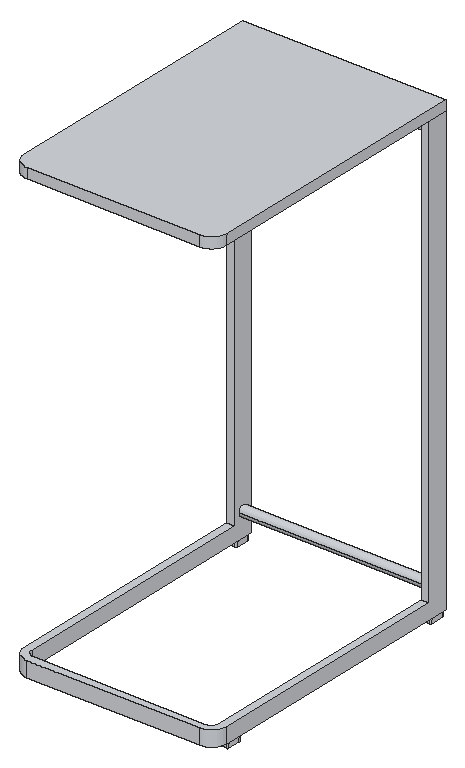
Revit family "Keilhauer_Pact_High Table_77421", category Furniture, Revit 2017
Family settings
  OmniClass Number = 23.40.70.14.64.11
  OmniClass Title = Office Furniture
  Work Plane-Based = No
  Always vertical = Yes
  Cut with Voids When Loaded = No
  Shared = No
  Room Calculation Point = No
Parameters (values of type "High Table Laminate top")
  Type = 2
  Steel Top = Type = 1  # no
  Laminate Top = Type = 2  # yes
  Base [instance] = none
  Glides [instance] = none
  URL = "http://www.keilhauer.com/"
  Product Documentation Link = "http://www.keilhauer.com/"
  Model = "77421"
  Manufacturer = "Keilhauer, Corp."  # constant formula
  Description = "Large nesting table with laminate top"
  Copyright © = "© 2021 Keilhauer, Corp."  # constant formula
  Catalog = "Pact"  # constant formula
  Table Top [instance] = none
  Authoring Version = "Autodesk Revit 2015"  # constant formula
  Assembly Code = "E2020200"
Types (2): name | Type | Steel Top | Laminate Top | Model | Description
  High Table Laminate top | 2 | no | yes | "77421" | "Large nesting table with laminate top"
  High Table Metal top | 1 | yes | no | "77420" | "Large nesting table with metal top"
Reference planes (in)
  plane 1 "Center (Front/Back)": y = 0
  plane 2: z = 0
  plane 3 "Center (Left/Right)": x = 0
  plane 4 "Top": z = 22.313
  plane 5 "Base": z = 0.25
  plane 6: x = 4.81101
  plane 7: x = -4.81101
Forms (in)
  Extrusion 1, solid, material <- "Table Top", visible <- "Steel Top"
    sketch origin (0, 0, 22.313) x (0, 1, 0) y (-1, 0, 0)
      loop
        line (6.53846, 5) -> (-6.96353, 5)
        arc (-6.96353, 5) -> (-7.49386, 4.78033) -> (-7.71353, 4.25) r 0.75
        line (-7.71353, 4.25) -> (-7.71353, -4.25)
        arc (-7.71353, -4.25) -> (-7.49386, -4.78033) -> (-6.96353, -5) r 0.75
        line (-6.96353, -5) -> (6.53846, -5) -> (6.53846, 5)
    from 0 to 0.1575
  Blend 2, solid, material <- "Table Top", visible <- "Steel Top"
    base sketch origin (0, 0, 22.313) x (0, 1, 0) y (-1, 0, 0)
      loop
        line (6.53846, 5) -> (-6.96353, 5)
        arc (-6.96353, 5) -> (-7.49386, 4.78033) -> (-7.71353, 4.25) r 0.75
        line (-7.71353, 4.25) -> (-7.71353, -4.25)
        arc (-7.71353, -4.25) -> (-7.49386, -4.78033) -> (-6.96353, -5) r 0.75
        line (-6.96353, -5) -> (6.53846, -5) -> (6.53846, 5)
    top sketch origin (0, 0, 22.313) x (0, 1, 0) y (-1, 0, 0)
      loop
        line (6.50846, 4.97) -> (-6.96154, 4.97)
        arc (-6.96154, 4.97) -> (-7.47066, 4.75912) -> (-7.68154, 4.25) r 0.72
        line (-7.68154, 4.25) -> (-7.68154, -4.25)
        arc (-7.68154, -4.25) -> (-7.47066, -4.75912) -> (-6.96154, -4.97) r 0.72
        line (-6.96154, -4.97) -> (6.50846, -4.97) -> (6.50846, 4.97)
    from 0.1575 to 0.1875
  Extrusion 3, solid, material <- "Base"
    sketch origin (4.81101, 5.53647, 47.24409) x (0, -1, 0) y (0, 0, 1)
      loop
        line (-0.6875, -25.68109) -> (-0.3125, -25.68109) -> (-0.3125, -24.93109) -> (-0.6875, -24.93109) -> (-0.6875, -25.68109)
      loop
        circle (-0.5, -45.7439) r 0.25
    from 0 to 9.62202
  Extrusion 4, solid, material <- "Base"
    sketch origin (-10.25149, -60, 0.25) x (-1, 0, 0) y (0, -1, 0)
      loop
        line (-5.25149, -66.53647) -> (-5.25149, -65.53647) -> (-5.625, -65.53647) -> (-5.625, -66.53647) -> (-5.25149, -66.53647)
      loop
        line (-14.875, -66.53647) -> (-14.875, -65.53647) -> (-15.25149, -65.53647) -> (-15.25149, -66.53647) -> (-14.875, -66.53647)
    from 0 to 22.063
  Sweep 5, solid, material <- "Base"
    path origin (0, 0, 22.313) x (0, 1, 0) y (-1, 0, 0)
      loop
        line (6.01233, 2.62351) -> (-1.03103, 2.62351)
        arc (-1.03103, 2.62351) -> (-1.56136, 2.40384) -> (-1.78103, 1.87351) r 0.75
        line (-1.78103, 1.87351) -> (-1.78103, -1.87649)
        arc (-1.78103, -1.87649) -> (-1.56136, -2.40682) -> (-1.03103, -2.62649) r 0.75
        line (-1.03103, -2.62649) -> (6.01233, -2.62649)
    profile origin (-2.62351, 2.49065, 22.313) x (1, 0, 0) y (0, 0, 1)
      loop
        line (0.375, -0.75) -> (0.375, 0) -> (0, 0) -> (0, -0.75) -> (0.375, -0.75)
  Sweep 6, solid, material <- "Base"
    path origin (-10.25149, -60.824, 0.25) x (-1, 0, 0) y (0, -1, 0)
      loop
        line (-14.87798, -66.86029) -> (-14.87798, -53.85547)
        arc (-14.87798, -53.85547) -> (-14.76961, -53.59384) -> (-14.50798, -53.48547) r 0.37
        line (-14.50798, -53.48547) -> (-5.99798, -53.48547)
        arc (-5.99798, -53.48547) -> (-5.73635, -53.59384) -> (-5.62798, -53.85547) r 0.37
        line (-5.62798, -53.85547) -> (-5.62798, -66.86029)
    profile origin (-4.62351, -0.46612, 0.25) x (-1, 0, 0) y (0, 0, 1)
      loop
        line (0, 0.75) -> (0, 0) -> (0.375, 0) -> (0.375, 0.75) -> (0, 0.75)
  Extrusion 7, solid, material <- "Glides"
    sketch origin (0, 0, 0) x (1, 0, 0) y (0, 1, 0)
      loop
        arc (-4.94, 6.41022) -> (-4.98243, 6.39265) -> (-5, 6.35022) r 0.06
        line (-5, 6.35022) -> (-5, 5.72236)
        arc (-5, 5.72236) -> (-4.98243, 5.67994) -> (-4.94, 5.66236) r 0.06
        line (-4.94, 5.66236) -> (-4.68649, 5.66236)
        arc (-4.68649, 5.66236) -> (-4.64406, 5.67994) -> (-4.62649, 5.72236) r 0.06
        line (-4.62649, 5.72236) -> (-4.62649, 6.35022)
        arc (-4.62649, 6.35022) -> (-4.64406, 6.39265) -> (-4.68649, 6.41022) r 0.06
        line (-4.68649, 6.41022) -> (-4.94, 6.41022)
      loop
        line (-4.94, -6.893) -> (-4.68649, -6.893)
        arc (-4.68649, -6.893) -> (-4.64406, -6.87543) -> (-4.62649, -6.833) r 0.06
        line (-4.62649, -6.833) -> (-4.62649, -6.20514)
        arc (-4.62649, -6.20514) -> (-4.64406, -6.16271) -> (-4.68649, -6.14514) r 0.06
        line (-4.68649, -6.14514) -> (-4.94, -6.14514)
        arc (-4.94, -6.14514) -> (-4.98243, -6.16271) -> (-5, -6.20514) r 0.06
        line (-5, -6.20514) -> (-5, -6.833)
        arc (-5, -6.833) -> (-4.98243, -6.87543) -> (-4.94, -6.893) r 0.06
      loop
        line (4.94, 6.41022) -> (4.68649, 6.41022)
        arc (4.68649, 6.41022) -> (4.64406, 6.39265) -> (4.62649, 6.35022) r 0.06
        line (4.62649, 6.35022) -> (4.62649, 5.72236)
        arc (4.62649, 5.72236) -> (4.64406, 5.67994) -> (4.68649, 5.66236) r 0.06
        line (4.68649, 5.66236) -> (4.94, 5.66236)
        arc (4.94, 5.66236) -> (4.98243, 5.67994) -> (5, 5.72236) r 0.06
        line (5, 5.72236) -> (5, 6.35022)
        arc (5, 6.35022) -> (4.98243, 6.39265) -> (4.94, 6.41022) r 0.06
      loop
        arc (4.94, -6.893) -> (4.98243, -6.87543) -> (5, -6.833) r 0.06
        line (5, -6.833) -> (5, -6.20514)
        arc (5, -6.20514) -> (4.98243, -6.16271) -> (4.94, -6.14514) r 0.06
        line (4.94, -6.14514) -> (4.68649, -6.14514)
        arc (4.68649, -6.14514) -> (4.64406, -6.16271) -> (4.62649, -6.20514) r 0.06
        line (4.62649, -6.20514) -> (4.62649, -6.833)
        arc (4.62649, -6.833) -> (4.64406, -6.87543) -> (4.68649, -6.893) r 0.06
        line (4.68649, -6.893) -> (4.94, -6.893)
    from 0 to 0.25
  Extrusion 8, solid, material <- "Table Top", visible <- "Laminate Top"
    sketch origin (0, 0, 22.313) x (0, 1, 0) y (-1, 0, 0)
      loop
        line (6.53846, 5) -> (-6.96353, 5)
        arc (-6.96353, 5) -> (-7.49386, 4.78033) -> (-7.71353, 4.25) r 0.75
        line (-7.71353, 4.25) -> (-7.71353, -4.25)
        arc (-7.71353, -4.25) -> (-7.49386, -4.78033) -> (-6.96353, -5) r 0.75
        line (-6.96353, -5) -> (6.53846, -5) -> (6.53846, 5)
    from 0 to 0.5
Cuts and joins
  joined: Extrusion 1, Blend 2
  joined: Extrusion 3, Extrusion 4, Sweep 5, Sweep 6
Lines and regions (in)
  Masking region 1
    outline origin (0, 0, 0) x (1, 0, 0) y (0, 1, 0)
      loop
        line (-5, 6.53846) -> (-5, -6.96353)
        arc (-5, -6.96353) -> (-4.78033, -7.49386) -> (-4.25, -7.71353) r 0.75
        line (-4.25, -7.71353) -> (4.25, -7.71353)
        arc (4.25, -7.71353) -> (4.78033, -7.49386) -> (5, -6.96353) r 0.75
        line (5, -6.96353) -> (5, 6.53846) -> (-5, 6.53846)
Dimensions and locks (in)
  plane 7 to plane 3 "Center (Left/Right)" to plane 6 = 4.81101" locked, 4.81101" locked
  radius of Masking region 1 sketch curve = 0.750"  (x2)
  radius of Extrusion 8 sketch curve = 0.750"  (x2)
  aligned and locked: nested 1 to plane 3 "Center (Left/Right)"
  aligned and locked: plane 1 "Center (Front/Back)" to nested 1
  aligned and locked: Extrusion 1 to plane 4 "Top"
  aligned and locked: Extrusion 3 to plane 7
  aligned and locked: Extrusion 3 to plane 6
  aligned and locked: plane 4 "Top" to Extrusion 4
  aligned and locked: Extrusion 4 to plane 5 "Base"
  aligned and locked: plane 2 to Extrusion 7
  aligned and locked: plane 5 "Base" to Extrusion 7
Nested families (in)
  nested 1: "Furniture_Tag" at (0, 0, 0), type "Center", detail levels fine
    with Offset (LR) 0.000"
Definition of nested family "Furniture_Tag"
  Parameters
    P_Width = 0.000"
    Text_Width = "Empty"
    Text_Height = "Empty"
    Text_Diameter = "Empty"
    Text_Depth = "Empty"
    Offset (LR) [instance] = 0.000"
    Model Name = "Type Catalog"
    P_Height = 0.000"
    Distance of Center (not Change) = 0.000"
    P_Diameter = 0.000"
    P_Depth = 0.000"
  Reference planes (in)
    plane 1: y = 0
    plane 2: x = 0
  Lines and regions (in)
    reference lines
      curve 1: line (-0.44359, 0, 0) -> (0.41085, 0, 0)
      curve 3: line (0, 0.32564, 0) -> (0, -0.40221, 0)
    reference lines, not visible
      curve 2: line (-0.44359, 0.09843, 0) -> (0.41085, 0.09843, 0)
      curve 4: line (0, 0.42407, 0) -> (0, -0.30379, 0)
  Text (in)
    label "Empty" at (0.00197, -0.0079, 0), shows "Model Name"
    label "Empty" at (0.00197, 0.09052, 0), shows "Model Name", not visible
  Dimensions and locks (in)
    "Distance of Center (not Change)": plane 1 to curve 1
    "Offset (LR)": curve 3 to plane 2
  Automatic sketch dimensions
    curve 1 to curve 3 = 0.44359"
    curve 3 to curve 1 = 0.41085"
    curve 3 to curve 1 = 0.40221"
    curve 1 to curve 3 = 0.32564"
    curve 2 to curve 4 = 0.44359"
    curve 4 to curve 2 = 0.41085"
    curve 4 to curve 2 = 0.40221"
    curve 2 to curve 4 = 0.32564"
